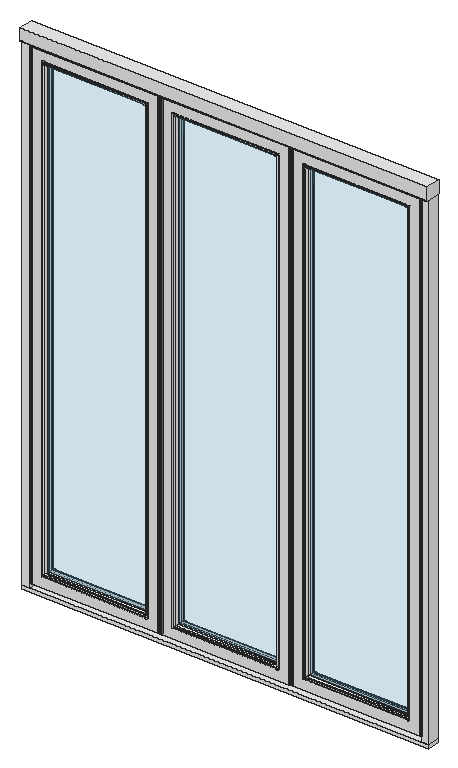
Revit family "Window-NanaWall-WA-67", category Windows, host Wall, Revit 2013
Parameters (values of type "Standard")
  Y N Override Stack [instance] = no
  Y N Override Number of Panels [instance] = no
  Warranty URL = "http://www.nanawall.com/support/warranty"
  URL = "http://www.nanawall.com/design/autocad"
  U Value = 0.17
  Thickness = 0' - 2 153/256"
  Subcategory = "Folding Window"  # constant formula
  Stack Thickness [instance] = 0' 2 153/256" * Panels  # 0' - 7 203/256"
  Split Stack Right [instance] = 3
  Split Stack [instance] = no
  Size Comment [instance] = if(or(Y N Override Stack, Y N Override Number of Panels), "CONTACT NANAWALL FOR SPECIAL SIZING", " ")  # " "
  Size Chart [instance] = "http://www.nanawall.com/products/wa67/sizes"
  Single Right Stack [instance] = if(and(Y N Override Stack, Left Stack), 1 = 0, if(Right Standard = 1, 1 = 1, if(and(C Split Stack, Split Stack Right = 1), 1 = 1, 1 = 0)))  # no
  Single Panel [instance] = if(and(Open, Width < 3' 3 1/16"), 1 = 1, if(Width > 3' 3", 1 = 0, 1 = 0))  # no
  Single Left Stack [instance] = if(and(not(Y N Override Stack), (Left Standard = 1)), 1 = 1, if(and(Y N Override Stack, Left Stack, (Panels = 1)), 1 = 1, (if(and(C Split Stack, Split Stack Right = Panels - 1), 1 = 1, 1 = 0))))  # yes
  Sills Available = "Raised, Low Profile Saddle, Flush"  # constant formula
  Sash = Metal - NanaWall - Aluminum
  Rough Width = Width - (2 * (0' 1 99/128"))  # 7' - 8 29/64"
  Rough Height = Height - 0' 2 15/32"  # 9' - 7 17/32"
  Right Standard [instance] = roundup(Panels / 2)  # 2
  Right Stack Width [instance] = RS C * Thickness  # 0' - 5 25/128"
  Right Stack [instance] = no
  RS C [instance] = if(RS = 1, 2, if(RS = 0, 2, if(C Split Stack, Split Stack Right, RS)))  # 2
  RS [instance] = if(Not Override Stack, Right Standard, if(C Right Stack, Panels, if(C Left Stack, 2, if(C Split Stack, Split Stack Right, 2))))  # 2
  Product Page URL = "http://www.nanawall.com/products/wa67"
  Performance URL = "http://www.nanawall.com/products/wa67/performance"
  Panels [instance] = if(Y N Override Number of Panels, Override Number of Panels, Panel Constraint)  # 3
  Panel Width [instance] = Opening Width / Panels  # 2' - 6.81771"
  Panel Height = Height Constraint - 0' 2 15/16"  # 9' - 7 1/16"
  Panel Constraint [instance] = if(Width < 3' 3", 1, if(Width < 6' 6", 2, if(Width < 9' 10", 3, if(Width < 13' 1", 4, if(Width < 16' 4", 5, if(Width < 19' 8", 6, if(Width < 22' 10", 7, if(Width < 26' 1", 8, if(Width < 29' 4", 9, if(Width < 32' 9", 10, if(Width < 36' 1", 11, if(Width < 39' 4", 12, if(Width < 42' 0", 13, if(Width < 45' 0", 14, if(Width < 48' 0", 15, if(Width < 51' 0", 16, if(Width < 54' 0", 17, if(Width < 57' 0", 18, if(Width < 60' 0", 19, 20)))))))))))))))))))  # 3
  Override Number of Panels [instance] = 3
  Opening Width = Width - (0' 1 99/128" + 0' 1 99/128")  # 7' - 8 29/64"
  Open Right Single [instance] = if(and(Open, Single Right Stack), 1 = 1, 1 = 0)  # no
  Open Right Multi [instance] = if(and(Open, Multiple Right Stack), 1 = 1, 1 = 0)  # no
  Open Left Single [instance] = if(and(Open, Single Left Stack), 1 = 1, 1 = 0)  # no
  Open Left Multi [instance] = if(and(Open, Multiple Left Stack), 1 = 1, 1 = 0)  # no
  Open [instance] = no
  Not Override Stack [instance] = not(Y N Override Stack)  # yes
  NanaWall Configurator = "http://www.nanawall.com/content/select-wizard"
  Multiple Right Stack [instance] = if(Width < 3' 3 1/16", 1 = 0, if(and(Right Standard < 1.5, Not Override Stack), 1 = 0, if(and(Right Standard > 1, Not Override Stack), 1 = 1, (if(and(C Split Stack, Split Stack Right > 1), 1 = 1, if(C Right Stack, 1 = 1, 1 = 0))))))  # yes
  Multiple Panel [instance] = if(and(Open, Width > 3' 3 1/16"), 1 = 0, if(and(Closed, Width > 3' 3 1/16"), 1 = 1, if(Width < 3' 3", 1 = 0, 1 = 1)))  # yes
  Multiple Left Stack [instance] = if(and(Left Standard > 1, Not Override Stack), 1 = 1, (if(and(C Split Stack, Split Stack Right < Panels - 1), 1 = 1, if(C Left Stack, 1 = 1, 1 = 0))))  # no
  Model = "WA-67"  # constant formula
  Max Panel Height = if(Panel Height > 9' 6", 9' 6", Panel Height)  # 9' - 6"
  Manufacturer Toll Free Phone = "(888) 411-NANA(6262)"  # constant formula
  Manufacturer Phone = "(415) 383-3148"  # constant formula
  Manufacturer Fax = "(415) 383-0312"  # constant formula
  Manufacturer Email = "mailto:info@nanawall.com"
  Manufacturer Address = "100 Meadowcreek Drive #250, Corte Madera, CA 94925"  # constant formula
  Manufacturer = "NanaWall Systems, Inc."  # constant formula
  Left Standard [instance] = rounddown(Panels / 2)  # 1
  Left Stack Width [instance] = LS C * Thickness  # 0' - 5 25/128"
  Left Stack [instance] = no
  LS C [instance] = if(LS = 1, 2, if(LS = 0, 2, if(C Split Stack, Panels - Split Stack Right, LS)))  # 2
  LS [instance] = if(Not Override Stack, Left Standard, if(C Left Stack, Panels, if(C Right Stack, 2, if(C Split Stack, Panels - Split Stack Right, 2))))  # 1
  Installation and Service URL = "http://www.nanawall.com/support/installer"
  Height Constraint = if(Height < 3' 3", 3' 3", if(Height > 9' 10", 9' 10", Height))  # 9' - 10"
  Height = 9' - 10"
  Wall Closure = By host
  Width = 8' - 0"
  Half Panel Width [instance] = Panel Width / 2  # 1' - 3.40885"
  Glazing Options = "http://www.nanawall.com/products/wa67"
  Glass Material = Glass - NanaWall - Generic
  Filler = Rubber - NanaWall - Black
  Exterior Wall Offset = 0' - 5"
  Engineering Details URL = "http://www.nanawall.com/products/wa67/component"
  Disclaimer = "Please note that the Revit model is for schematic purposes only.  To obtain a detailed 3D model, please go to the NanaWall's configurator at www.nanawall.com."  # constant formula
  Description = "Aluminum-Clad Over Wood Folding System"  # constant formula
  Cost Info = "http://www.nanawall.com/design_wizard/wa67/quote-HL-4"
  Closed [instance] = not(Open)  # yes
  Clearance On [instance] = no
  C Split Stack [instance] = if(and(Y N Override Stack, Split Stack), 1 = 1, if(Right Stack, 1 = 0, if(Left Stack, 1 = 0, 1 = 0)))  # no
  C Right Stack [instance] = if(and(Y N Override Stack, Right Stack), 1 = 1, if(Left Stack, 1 = 0, if(Split Stack, 1 = 0, 1 = 1)))  # yes
  C Panel [instance] = if(Panels < 2, 2, Panels)  # 3
  C Left Stack [instance] = if(and(Y N Override Stack, Left Stack), 1 = 1, if(Right Stack, 1 = 0, if(Split Stack, 1 = 0, 1 = 0)))  # no
  Assembly Code = "B2030110"
  95 CSI = "8411"  # constant formula
  04 CSI = "08 41 13"  # constant formula
Reference planes (in)
  plane 1 "Center (Front/Back)": y = 0
  plane 2 "Center (Left/Right)": x = 0
  plane 3 "Left": x = -48
  plane 4 "Right": x = 48
  plane 5 "Top": z = 118
  plane 6: z = 115.05521
  plane 7: z = 59
  plane 8: x = -46.22835
  plane 9: x = 46.22835
  plane 10: x = 40.77713
  plane 11: y = -1.29883
  plane 12: y = 1.29883
  plane 13: y = -2
  plane 14: y = -3.29883
  plane 15: x = 45.97244
  plane 16: x = -45.97244
  plane 17: x = -40.77713
Lines and regions (in)
  Opening 1
    outline origin (-90, -3, 0) x (1, 0, 0) y (0, 0, 1)
      loop
        line (42, 0) -> (138, 0) -> (138, 118) -> (42, 118) -> (42, 0)
  symbolic lines
    curve 1: line (-48, -0.69929, 0) -> (48, -0.69929, 0)
    curve 2: line (-48, -3.29883, 0) -> (48, -3.29883, 0)
  symbolic lines, visible <- "Clearance On"
    curve 3: line (-45.97244, -34.11654, 0) -> (-45.97244, -3.29883, 0)
    curve 4: line (45.97244, -34.11654, 0) -> (-45.97244, -34.11654, 0)
    curve 5: line (45.97244, -3.29883, 0) -> (45.97244, -34.11654, 0)
Text (in)
  text "Exterior" at (-74.96733, 27.31104, 0), in view "Ref. Level"
  text "Interior" at (-74.96733, -25.14366, 0), in view "Ref. Level"
  text "Exterior" at (0, 40.15149, 72.9804), in view "Right"
  text "Interior" at (0, -64.39139, 72.9804), in view "Right"
  text "Interior" at (0, -31.01599, 63.85961), in view "Left"
  text "Exterior" at (0, 54.57065, 63.85961), in view "Left"
Dimensions and locks (in)
  "Height Constraint": level to plane 5 "Top"
  "Width": plane 3 "Left" to plane 4 "Right"
  equal spacing: plane 3 "Left", plane 2 "Center (Left/Right)", plane 4 "Right"
  locked: plane 6 to plane 5 "Top" at 2.94479
  equal spacing: level, plane 7, plane 5 "Top"
  locked: plane 3 "Left" to plane 8 at 1.77165
  locked: plane 9 to plane 4 "Right" at 1.77165
  equal spacing: group 2, group 3, group 1
  equal spacing: group 1, group 3, group 2  (x2)
  "Right Stack Width": plane 10 to plane 15
  "Exterior Wall Offset": host wall to plane 13
  locked: plane 13 to plane 14 at 1.29883
  locked: plane 15 to plane 4 "Right" at 2.02756
  locked: plane 3 "Left" to plane 16 at 2.02756
  "Left Stack Width": plane 16 to plane 17
  group 5 to group 4 = 0' - 2 153/256"
  group 4 to group 5 = 0' - 0"  (x2)
  group 6 to group 7 = 0' - 2 153/256"
  group 6 to group 7 = 0' - 0"  (x2)
  group 8 to group 9 = 0' - 2 19/32"
  group 8 to group 9 = 0' - 0"  (x2)
  group 11 to group 10 = 0' - 2 19/32"
  group 10 to group 11 = 0' - 0"  (x2)
  curve 1 to plane 13 to curve 2 = 0' - 1.30071" locked, 0' - 1.29883" locked
  "Panel Width": plane 14 to curve 4
  aligned and locked: plane 3 "Left" to Opening 1 sketch curve
  aligned and locked: plane 5 "Top" to Opening 1 sketch curve  (x2)
  aligned and locked: Opening 1 sketch curve to plane 4 "Right"
  aligned and locked: Opening 1 sketch curve to level
  aligned and locked: nested 1 to plane 3 "Left"
  aligned and locked: nested 2 to plane 4 "Right"
  aligned and locked: plane 2 "Center (Left/Right)" to nested 4
  aligned and locked: plane 13 to nested 6
  aligned and locked: plane 13 to nested 3
  aligned and locked: plane 13 to nested 7
  aligned and locked: nested 1 to plane 13
  aligned and locked: plane 13 to nested 2
  aligned and locked: nested 4 to plane 13
  aligned and locked: plane 13 to nested 5
  aligned and locked: level to nested 4
  aligned and locked: nested 5 to plane 5 "Top"
  aligned and locked: nested 2 to plane 6
  aligned and locked: plane 6 to nested 3
  aligned and locked: plane 6 to nested 1
  aligned and locked: plane 6 to nested 6
  aligned and locked: plane 9 to nested 3
  aligned and locked: plane 8 to nested 6
  aligned and locked: plane 14 to nested 8
  aligned and locked: nested 8 to plane 15
  aligned and locked: plane 10 to nested 12
  aligned and locked: plane 14 to nested 12
  aligned and locked: plane 14 to nested 9
  aligned and locked: nested 9 to plane 15
  aligned and locked: plane 14 to nested 11
  aligned and locked: plane 16 to nested 11
  aligned and locked: nested 13 to plane 17
  aligned and locked: plane 14 to nested 13
  aligned and locked: nested 12 to plane 14
  aligned and locked: plane 14 to nested 10
  aligned and locked: plane 16 to nested 10
  aligned and locked: plane 14 to nested 14
  aligned and locked: plane 16 to nested 14
  aligned and locked: plane 17 to nested 18
  aligned and locked: plane 14 to nested 18
  aligned and locked: plane 14 to nested 15
  aligned and locked: plane 16 to nested 15
  aligned and locked: plane 14 to nested 17
  aligned and locked: nested 17 to plane 15
  aligned and locked: plane 10 to nested 19
  aligned and locked: plane 14 to nested 19
  aligned and locked: plane 14 to nested 16
  aligned and locked: nested 16 to plane 15
  aligned and locked: plane 3 "Left" to curve 1
  aligned and locked: plane 3 "Left" to curve 2
  aligned and locked: plane 4 "Right" to curve 1
  aligned and locked: plane 4 "Right" to curve 2
  aligned and locked: plane 8 to nested 20
  aligned and locked: plane 13 to nested 20
  aligned and locked: curve 3 to plane 16
  aligned and locked: curve 5 to plane 15
Nested families (in)
  nested 1: "Left-Jamb_WA-67" at (-40.69793, -2, -0.00729), type "Left-Jamb_WA-67"
  nested 2: "Right-Jamb_WA-67" at (40.69793, -2, -0.00729) x (-1, 0, 0) z (0, 0, 1), type "Right-Jamb_WA-67"
  nested 3: "Sash_WA-67_NanaWall" at (30.83184, -10.125, 1.05521) x (-1, 0, 0) z (0, 0, 1), visible <- "Closed", type "Sash_WA-67_NanaWall"
  nested 4: "Sill_WA-67" at (7.30207, -2, -0.83203), type "Sill_WA-67"
  nested 5: "Header_WA-67" at (7.30207, -2, 0), type "Header_WA-67"
  nested 6: "Sash_WA-67_NanaWall" at (-30.80705, -10.125, 1.05521) x (-1, 0, 0) z (0, 0, 1), visible <- "Closed", type "Sash_WA-67_NanaWall"
  nested 7: "Sash_WA-67_NanaWall" at (0.01239, -10.125, 1.05521) x (-1, 0, 0) z (0, 0, 1), visible <- "Closed", type "Sash_WA-67_NanaWall"
  nested 8: "DetailItem_Panel" at (44.62834, -17.04752, 0), visible <- "Multiple Right Stack", type "DetailItem_Panel"
  nested 9: "DetailItem_Panel" at (44.62834, -17.04752, 0), visible <- "Single Right Stack", type "DetailItem_Panel"
  nested 10: "DetailItem_Panel" at (-44.71889, -17.04752, 0), visible <- "Single Left Stack", type "DetailItem_Panel"
  nested 11: "DetailItem_Panel" at (-44.71889, -17.04752, 0), visible <- "Multiple Left Stack", type "DetailItem_Panel"
  nested 12: "DetailItem_Panel" at (42.03068, -17.04752, 0), visible <- "Multiple Right Stack", type "DetailItem_Panel"
  nested 13: "DetailItem_Panel" at (-42.12123, -17.04752, 0), visible <- "Multiple Left Stack", type "DetailItem_Panel"
  nested 14: "Sash_WA-67_NanaWall" at (-52.79666, -18.72003, 0.00001) x (0, 1, 0) z (0, 0, 1), visible <- "Open Left Multi", type "Sash_WA-67_NanaWall"
  nested 15: "Sash_WA-67_NanaWall" at (-52.79666, -18.72003, 0.00001) x (0, 1, 0) z (0, 0, 1), visible <- "Open Left Single", type "Sash_WA-67_NanaWall"
  nested 16: "Sash_WA-67_NanaWall" at (36.54666, -18.72003, 0.00001) x (0, 1, 0) z (0, 0, 1), visible <- "Open Right Single", type "Sash_WA-67_NanaWall"
  nested 17: "Sash_WA-67_NanaWall" at (36.54666, -18.72003, 0.00001) x (0, 1, 0) z (0, 0, 1), visible <- "Open Right Multi", type "Sash_WA-67_NanaWall"
  nested 18: "Sash_WA-67_NanaWall" at (-50.20291, -18.72003, 0.00001) x (0, 1, 0) z (0, 0, 1), visible <- "Open Left Multi", type "Sash_WA-67_NanaWall"
  nested 19: "Sash_WA-67_NanaWall" at (33.95291, -18.72003, 0.00001) x (0, 1, 0) z (0, 0, 1), visible <- "Open Right Multi", type "Sash_WA-67_NanaWall"
  nested 20: "Sash_WA-67_NanaWall" at (0.01056, -10.125, 0.00001) x (-1, 0, 0) z (0, 0, 1), visible <- "Single Panel", type "Sash_WA-67_NanaWall Full"
Definition of nested family "Left-Jamb_WA-67"
  Parameters (values of type "Left-Jamb_WA-67")
    Width = 1' - 0"
    Left Jamb = none
    Height = 9' - 7 1/16"
    Half = yes
    Assembly Code = ""
  Reference planes (in)
    plane 1 "Center (Front/Back)": y = 0
    plane 2: z = 0
    plane 3 "Center (Left/Right)": x = -7.30207
    plane 4 "Top": z = 115.0625
  Forms (in)
    Sweep 1, solid, material <- "Left Jamb"
      path origin (-7.30207, 0, 0) x (0, 1, 0) y (0, 0, 1)
        loop
          line (0, 115.0625) -> (0, 0)
      profile "Profile_Left-Jamb_WA-67 : Profile_Left-Jamb_WA-67" origin (-7.30207, 0, 57.53125) x (0, 1, 0) y (1, 0, 0)
        loop
          line (-1.29921, 0) -> (1.29921, 0) -> (1.29921, 1.77165) -> (-1.29921, 1.77165) -> (-1.29921, 0)
  Lines and regions (in)
    Masking region 1
      outline origin (0, 0, 0) x (1, 0, 0) y (0, 1, 0)
        loop
          line (-7.30207, 1.29921) -> (-7.30207, -1.29921) -> (-5.53042, -1.29921) -> (-5.53042, 1.29921) -> (-7.30207, 1.29921)
  Dimensions and locks (in)
    "Height": plane 4 "Top" to level
    plane 4 "Top" to level = 9' - 7 1/16"
    aligned and locked: plane 4 "Top" to Sweep 1 sketch curve
    aligned and locked: level to Sweep 1 sketch curve
    aligned and locked: plane 3 "Center (Left/Right)" to nested 1
    aligned and locked: plane 1 "Center (Front/Back)" to nested 1
    aligned and locked: Masking region 1 sketch curve to plane 3 "Center (Left/Right)"
  Automatic sketch dimensions
    plane 1 "Center (Front/Back)" to Sweep 1 sketch curve = 0' - 0"
    Masking region 1 sketch curve to plane 1 "Center (Front/Back)" = 0' - 1.29921"
    Masking region 1 sketch curve to Masking region 1 sketch curve = 0' - 1.77165"
    plane 1 "Center (Front/Back)" to Masking region 1 sketch curve = 0' - 1.29921"
  Nested families (in)
    nested 1: "Left-Jamb_Nana_Walls-WD-67" at (-7.36112, 0, 0), type "Left-Jamb_Nana_Walls-WD-67", detail levels fine
  Definition of nested family "Left-Jamb_Nana_Walls-WD-67"
    Parameters (values of type "Left-Jamb_Nana_Walls-WD-67")
      SmartBIM Object Version = 1  # constant formula
      SmartBIM Object Created By = "Reed Construction Data"  # constant formula
      Half Peice = yes
      Assembly Code = ""
      95 CSI = ""
      04 CSI = ""
    Reference planes (in)
      plane 1 "Center (Front/Back)": y = 0
      plane 2: z = 0
      plane 3 "Center (Left/Right)": x = 0.05906
    Lines and regions (in)
      model lines, style "DetailComponents", in view "Ref. Level"
        curve 1: arc (1.73228, -1.29921, 0) -> (1.80188, -1.27038, 0) -> (1.83071, -1.20079, 0) r 0.09843
        curve 2: arc (1.83071, -0.90551, 0) -> (1.80765, -0.84983, 0) -> (1.75197, -0.82677, 0) r 0.07874
        curve 3: arc (1.24016, 0.82677, 0) -> (1.21133, 0.89637, 0) -> (1.14173, 0.9252, 0) r 0.09843
        curve 4: arc (0.41339, 0.9252, 0) -> (0.34379, 0.89637, 0) -> (0.31496, 0.82677, 0) r 0.09843
        curve 5: arc (0.31496, 0.65709, 0) -> (0.32147, 0.63931, 0) -> (0.33793, 0.62992, 0) r 0.02756
        curve 6: arc (0.33465, 0.55118, 0) -> (0.34857, 0.55695, 0) -> (0.35433, 0.57087, 0) r 0.01969
        curve 7: arc (0.35433, 0.61051, 0) -> (0.34968, 0.62322, 0) -> (0.33793, 0.62992, 0) r 0.01969
        curve 8: arc (0.05906, -1.20079, 0) -> (0.08788, -1.27038, 0) -> (0.15748, -1.29921, 0) r 0.09843
        curve 9: line (1.53543, -0.62992, 0) -> (1.27953, -0.62992, 0)
        curve 10: line (1.27953, -0.62992, 0) -> (1.27953, -0.82677, 0)
        curve 11: line (1.27953, -0.82677, 0) -> (1.75197, -0.82677, 0)
        curve 12: line (0.15748, -1.29921, 0) -> (1.73228, -1.29921, 0)
        curve 13: line (1.83071, -1.20079, 0) -> (1.83071, -0.90551, 0)
        curve 14: line (0.41339, 0.9252, 0) -> (1.14173, 0.9252, 0)
        curve 15: line (0.35433, 0.57087, 0) -> (0.35433, 0.61051, 0)
        curve 16: line (1.53543, 0.31496, 0) -> (1.27953, 0.31496, 0)
        curve 17: line (1.27953, 0.31496, 0) -> (1.27953, -0.31496, 0)
        curve 18: line (1.27953, -0.31496, 0) -> (1.53543, -0.31496, 0)
        curve 19: line (1.24016, 0.82677, 0) -> (1.24016, 0.62992, 0)
        curve 20: line (1.24016, 0.62992, 0) -> (1.53543, 0.62992, 0)
        curve 21: line (0.05906, -1.20079, 0) -> (0.05906, -0.3937, 0)
        curve 22: line (0.05906, -0.3937, 0) -> (0.29528, -0.3937, 0)
        curve 23: line (0.29528, -0.3937, 0) -> (0.29528, 0.3937, 0)
        curve 24: line (0.29528, 0.3937, 0) -> (0.05906, 0.3937, 0)
        curve 25: line (0.05906, 0.3937, 0) -> (0.05906, 0.5315, 0)
        curve 26: line (0.05906, 0.5315, 0) -> (0.07874, 0.55118, 0)
        curve 27: line (0.07874, 0.55118, 0) -> (0.33465, 0.55118, 0)
        curve 92: arc (1.29134, 0.74953, 0) -> (1.30864, 0.70777, 0) -> (1.35039, 0.69048, 0) r 0.05906
        curve 93: arc (1.37008, 1.04481, 0) -> (1.35278, 1.08656, 0) -> (1.31102, 1.10386, 0) r 0.05906
        curve 94: arc (0.98031, 1.10386, 0) -> (1.00815, 1.11539, 0) -> (1.01969, 1.14323, 0) r 0.03937
        curve 95: arc (1.05791, 1.22999, 0) -> (1.03017, 1.20832, 0) -> (1.01969, 1.17473, 0) r 0.05906
        curve 96: arc (0.58661, 1.17473, 0) -> (0.57613, 1.20832, 0) -> (0.54839, 1.22999, 0) r 0.05906
        curve 97: arc (0.58661, 1.14323, 0) -> (0.59815, 1.11539, 0) -> (0.62598, 1.10386, 0) r 0.03937
        curve 98: arc (1.22441, 1.15111, 0) -> (1.24668, 1.16033, 0) -> (1.25591, 1.1826, 0) r 0.0315
        curve 99: line (1.19387, 1.15111, 0) -> (1.22764, 1.1826, 0)
        curve 100: line (1.22764, 1.20229, 0) -> (1.21007, 1.22999, 0)
        curve 101: arc (1.25591, 1.20229, 0) -> (1.25147, 1.21841, 0) -> (1.2394, 1.22999, 0) r 0.0315
        curve 102: arc (0.3669, 1.22999, 0) -> (0.35483, 1.21841, 0) -> (0.35039, 1.20229, 0) r 0.0315
        curve 103: line (0.39623, 1.22999, 0) -> (0.37866, 1.20229, 0)
        curve 104: arc (0.35039, 1.1826, 0) -> (0.35962, 1.16033, 0) -> (0.38189, 1.15111, 0) r 0.0315
        curve 105: line (0.37866, 1.1826, 0) -> (0.41243, 1.15111, 0)
        curve 106: arc (0.15484, 0.67329, 0) -> (0.17549, 0.63004, 0) -> (0.20472, 0.59205, 0) r 0.22835
        curve 107: arc (0.20472, 0.90701, 0) -> (0.17549, 0.86903, 0) -> (0.15484, 0.82578, 0) r 0.22835
        curve 108: line (0.15481, 0.68289, 0) -> (0.15484, 0.67329, 0)
        curve 109: line (0.15484, 0.74953, 0) -> (0.15481, 0.71265, 0)
        curve 110: line (0.15481, 0.78641, 0) -> (0.15484, 0.74953, 0)
        curve 164: line (1.51575, 0.76134, 0) -> (1.51575, 0.70622, 0)
        curve 165: line (1.51575, 0.70622, 0) -> (1.5, 0.69048, 0)
        curve 166: line (1.5, 0.69048, 0) -> (1.35039, 0.69048, 0)
        curve 167: line (1.29134, 0.74953, 0) -> (1.29134, 1.10386, 0)
        curve 168: line (1.41339, 0.77709, 0) -> (1.31102, 0.77709, 0)
        curve 169: line (1.37008, 0.77709, 0) -> (1.37008, 1.04481, 0)
        curve 170: line (1.01969, 1.14323, 0) -> (1.01969, 1.17473, 0)
        curve 171: line (1.31102, 1.10386, 0) -> (1.09843, 1.10386, 0)
        curve 172: line (1.09843, 1.10386, 0) -> (1.09843, 1.15111, 0)
        curve 173: line (1.09843, 1.15111, 0) -> (1.22441, 1.15111, 0)
        curve 174: line (0.62598, 1.10386, 0) -> (0.98031, 1.10386, 0)
        curve 175: line (0.58661, 1.14323, 0) -> (0.58661, 1.17473, 0)
        curve 176: line (0.70472, 1.10386, 0) -> (0.70472, 1.22985, 0)
        curve 177: line (0.70472, 1.22985, 0) -> (0.90157, 1.22985, 0)
        curve 178: line (0.90157, 1.22985, 0) -> (0.90157, 1.10386, 0)
        curve 179: line (0.38189, 1.15111, 0) -> (0.50787, 1.15111, 0)
        curve 180: line (0.50787, 1.15111, 0) -> (0.50787, 0.9252, 0)
        curve 181: line (1.22764, 1.1826, 0) -> (1.22764, 1.20229, 0)
        curve 182: line (1.25591, 1.1826, 0) -> (1.25591, 1.20229, 0)
        curve 183: line (0.37866, 1.1826, 0) -> (0.37866, 1.20229, 0)
        curve 184: line (0.35039, 1.1826, 0) -> (0.35039, 1.20229, 0)
        curve 185: line (1.1378, 1.10386, 0) -> (1.1378, 1.15111, 0)
        curve 186: line (0.4685, 1.15111, 0) -> (0.4685, 1.02512, 0)
        curve 187: line (0.4685, 1.02512, 0) -> (0.4779, 1.02512, 0)
        curve 188: line (0.4779, 1.02512, 0) -> (0.4779, 0.9267, 0)
        curve 189: line (0.4779, 0.9267, 0) -> (1.29134, 0.9267, 0)
        curve 190: line (0.54839, 1.22999, 0) -> (0.3669, 1.22999, 0)
        curve 191: line (1.05791, 1.22999, 0) -> (1.2394, 1.22999, 0)
        curve 192: line (0.15481, 0.71265, 0) -> (0.14819, 0.71139, 0)
        curve 193: line (0.14819, 0.71139, 0) -> (0.14988, 0.70235, 0)
        curve 194: line (0.14988, 0.70235, 0) -> (0.15204, 0.69293, 0)
        curve 195: line (0.15204, 0.69293, 0) -> (0.15481, 0.68289, 0)
        curve 196: line (0.25591, 0.59205, 0) -> (0.20472, 0.59205, 0)
        curve 197: line (0.20472, 0.59205, 0) -> (0.20472, 0.90701, 0)
        curve 198: line (0.20472, 0.90701, 0) -> (0.25591, 0.90701, 0)
        curve 199: line (0.25591, 0.72907, 0) -> (0.25591, 0.76999, 0)
        curve 200: line (0.15481, 0.81617, 0) -> (0.15201, 0.80598, 0)
        curve 201: line (0.15201, 0.80598, 0) -> (0.14985, 0.79656, 0)
        curve 202: line (0.14985, 0.79656, 0) -> (0.14819, 0.78767, 0)
        curve 203: line (0.14819, 0.78767, 0) -> (0.15481, 0.78641, 0)
        curve 245: arc (1.83071, 1.00544, 0) -> (1.82494, 1.01936, 0) -> (1.81102, 1.02512, 0) r 0.01969
        curve 254: arc (1.81102, 1.20229, 0) -> (1.82494, 1.20805, 0) -> (1.83071, 1.22197, 0) r 0.01969
        curve 363: line (1.83071, 1.2889, 0) -> (1.83071, 1.22197, 0)
        curve 520: arc (1.57958, 0.12101, 0) -> (1.60518, 0.15932, 0) -> (1.61417, 0.20452, 0) r 0.11811
        curve 521: arc (1.61417, -0.20152, 0) -> (1.60518, -0.15632, 0) -> (1.57958, -0.11801, 0) r 0.11811
        curve 522: arc (1.83071, -0.62842, 0) -> (1.82494, -0.6145, 0) -> (1.81102, -0.60874, 0) r 0.01969
        curve 523: arc (1.81776, -0.67605, 0) -> (1.82715, -0.66885, 0) -> (1.83071, -0.65755, 0) r 0.01969
        curve 524: arc (1.83071, 0.66055, 0) -> (1.82715, 0.67184, 0) -> (1.81776, 0.67905, 0) r 0.01969
        curve 525: arc (1.81102, 0.61174, 0) -> (1.82494, 0.6175, 0) -> (1.83071, 0.63142, 0) r 0.01969
        curve 526: arc (1.43701, -0.76622, 0) -> (1.40917, -0.77775, 0) -> (1.39764, -0.80559, 0) r 0.03937
        curve 527: arc (1.51575, -0.80559, 0) -> (1.54359, -0.79406, 0) -> (1.55512, -0.76622, 0) r 0.03937
        curve 528: arc (1.38688, -0.62992, 0) -> (1.36622, -0.64406, 0) -> (1.35827, -0.66779, 0) r 0.03937
        curve 529: arc (1.56426, -0.10269, 0) -> (1.54727, -0.09717, 0) -> (1.53281, -0.10766, 0) r 0.01969
        curve 530: arc (1.35825, -0.31496, 0) -> (1.4418, -0.29277, 0) -> (1.51631, -0.24895, 0) r 0.3189
        curve 531: arc (1.41753, -0.21747, 0) -> (1.48454, -0.1724, 0) -> (1.53281, -0.10766, 0) r 0.24016
        curve 532: arc (1.53543, -0.25822, 0) -> (1.52878, -0.2476, 0) -> (1.51631, -0.24895, 0) r 0.01181
        curve 533: arc (1.3189, -0.27409, 0) -> (1.33043, -0.30193, 0) -> (1.35827, -0.31346, 0) r 0.03937
        curve 534: arc (1.38976, -0.19952, 0) -> (1.39876, -0.21605, 0) -> (1.41753, -0.21747, 0) r 0.01969
        curve 535: arc (1.53281, 0.11066, 0) -> (1.48454, 0.17539, 0) -> (1.41753, 0.22047, 0) r 0.24016
        curve 536: arc (1.51631, 0.25195, 0) -> (1.45074, 0.29187, 0) -> (1.37753, 0.31496, 0) r 0.3189
        curve 537: arc (1.53281, 0.11066, 0) -> (1.54727, 0.10017, 0) -> (1.56426, 0.10569, 0) r 0.01969
        curve 538: arc (1.51631, 0.25195, 0) -> (1.52878, 0.2506, 0) -> (1.53543, 0.26122, 0) r 0.01181
        curve 539: arc (1.34751, 0.31496, 0) -> (1.32685, 0.30082, 0) -> (1.3189, 0.27709, 0) r 0.03937
        curve 540: arc (1.41753, 0.22047, 0) -> (1.39876, 0.21905, 0) -> (1.38976, 0.20252, 0) r 0.01969
        curve 541: arc (1.39764, 0.80859, 0) -> (1.40917, 0.78075, 0) -> (1.43701, 0.76922, 0) r 0.03937
        curve 542: arc (1.55512, 0.76922, 0) -> (1.54359, 0.79706, 0) -> (1.51575, 0.80859, 0) r 0.03937
        curve 543: arc (1.35827, 0.67079, 0) -> (1.3698, 0.64295, 0) -> (1.39764, 0.63142, 0) r 0.03937
        curve 544: arc (0.25591, 1.24166, 0) -> (0.25014, 1.25558, 0) -> (0.23622, 1.26134, 0) r 0.01969
        curve 545: arc (0.23622, 0.96607, 0) -> (0.25014, 0.97183, 0) -> (0.25591, 0.98575, 0) r 0.01969
        curve 546: arc (0.07874, 1.02512, 0) -> (0.06482, 1.01936, 0) -> (0.05906, 1.00544, 0) r 0.01969
        curve 547: arc (0.05906, 1.22197, 0) -> (0.06482, 1.20805, 0) -> (0.07874, 1.20229, 0) r 0.01969
        curve 548: arc (0.18898, 0.99166, 0) -> (0.18321, 1.00558, 0) -> (0.16929, 1.01134, 0) r 0.01969
        curve 549: arc (0.16929, 1.21607, 0) -> (0.18321, 1.22183, 0) -> (0.18898, 1.23575, 0) r 0.01969
        curve 550: arc (0.31496, 0.55268, 0) -> (0.33465, 0.57237, 0) -> (0.31496, 0.59205, 0) r 0.01969
        curve 551: arc (1.5748, 0.99363, 0) -> (1.59441, 0.9463, 0) -> (1.64173, 0.9267, 0) r 0.06693
        curve 552: arc (1.25984, 1.10386, 0) -> (1.3016, 1.12116, 0) -> (1.3189, 1.16292, 0) r 0.05906
        curve 553: arc (1.64173, 0.98575, 0) -> (1.6475, 0.97183, 0) -> (1.66142, 0.96607, 0) r 0.01969
        curve 554: arc (1.72047, 1.01134, 0) -> (1.70655, 1.00558, 0) -> (1.70079, 0.99166, 0) r 0.01969
        curve 555: arc (1.66142, 1.26134, 0) -> (1.6475, 1.25558, 0) -> (1.64173, 1.24166, 0) r 0.01969
        curve 556: arc (1.70079, 1.23575, 0) -> (1.70655, 1.22183, 0) -> (1.72047, 1.21607, 0) r 0.01969
        curve 557: arc (1.83071, 1.00544, 0) -> (1.82494, 1.01936, 0) -> (1.81102, 1.02512, 0) r 0.01969
        curve 558: arc (1.81102, 1.20229, 0) -> (1.82494, 1.20805, 0) -> (1.83071, 1.22197, 0) r 0.01969
        curve 559: line (0.31496, 0.65709, 0) -> (0.31496, 0.82677, 0)
        curve 560: line (1.53543, 0.62992, 0) -> (1.53543, 0.31496, 0)
        curve 561: line (1.53543, -0.31496, 0) -> (1.53543, -0.62992, 0)
        curve 706: line (1.55512, -0.76622, 0) -> (1.55512, -0.66779, 0)
        curve 707: line (1.55512, -0.66779, 0) -> (1.73228, -0.66779, 0)
        curve 708: line (1.73228, -0.66779, 0) -> (1.73228, -0.70716, 0)
        curve 709: line (1.73228, -0.70716, 0) -> (1.81776, -0.67605, 0)
        curve 710: line (1.83071, -0.65755, 0) -> (1.83071, -0.62842, 0)
        curve 711: line (1.81102, -0.60874, 0) -> (1.61417, -0.60874, 0)
        curve 712: line (1.61417, -0.60874, 0) -> (1.61417, -0.45203, 0)
        curve 713: line (1.61417, -0.45203, 0) -> (1.60236, -0.43157, 0)
        curve 714: line (1.60236, -0.43157, 0) -> (1.61417, -0.41111, 0)
        curve 715: line (1.61417, -0.41111, 0) -> (1.61417, -0.20152, 0)
        curve 716: line (1.81776, 0.67905, 0) -> (1.73228, 0.71016, 0)
        curve 717: line (1.73228, 0.71016, 0) -> (1.73228, 0.67079, 0)
        curve 718: line (1.73228, 0.67079, 0) -> (1.55512, 0.67079, 0)
        curve 719: line (1.55512, 0.67079, 0) -> (1.55512, 0.76922, 0)
        curve 720: line (1.61417, 0.20452, 0) -> (1.61417, 0.41411, 0)
        curve 721: line (1.61417, 0.41411, 0) -> (1.60236, 0.43457, 0)
        curve 722: line (1.60236, 0.43457, 0) -> (1.61417, 0.45503, 0)
        curve 723: line (1.61417, 0.45503, 0) -> (1.61417, 0.61174, 0)
        curve 724: line (1.61417, 0.61174, 0) -> (1.81102, 0.61174, 0)
        curve 725: line (1.83071, 0.63142, 0) -> (1.83071, 0.66055, 0)
        curve 726: line (1.53543, -0.25822, 0) -> (1.53543, -0.62842, 0)
        curve 727: line (1.53543, -0.62842, 0) -> (1.39764, -0.62842, 0)
        curve 728: line (1.39764, -0.80559, 0) -> (1.51575, -0.80559, 0)
        curve 729: line (1.35827, -0.66779, 0) -> (1.51575, -0.66779, 0)
        curve 730: line (1.51575, -0.66779, 0) -> (1.51575, -0.76622, 0)
        curve 731: line (1.51575, -0.76622, 0) -> (1.43701, -0.76622, 0)
        curve 732: line (1.39764, 0.63142, 0) -> (1.53543, 0.63142, 0)
        curve 733: line (1.53543, 0.63142, 0) -> (1.53543, 0.26122, 0)
        curve 734: line (1.38976, -0.19952, 0) -> (1.38976, 0.20252, 0)
        curve 735: line (1.3189, 0.27709, 0) -> (1.3189, -0.27409, 0)
        curve 736: line (1.57958, -0.11801, 0) -> (1.56426, -0.10269, 0)
        curve 737: line (1.35827, -0.31346, 0) -> (1.36885, -0.31346, 0)
        curve 738: line (1.56426, 0.10569, 0) -> (1.57958, 0.12101, 0)
        curve 739: line (1.36885, 0.31646, 0) -> (1.35827, 0.31646, 0)
        curve 740: line (1.51575, 0.80859, 0) -> (1.39764, 0.80859, 0)
        curve 741: line (1.43701, 0.76922, 0) -> (1.51575, 0.76922, 0)
        curve 742: line (1.51575, 0.76922, 0) -> (1.51575, 0.67079, 0)
        curve 743: line (1.51575, 0.67079, 0) -> (1.35827, 0.67079, 0)
        curve 744: line (0.05906, 1.22197, 0) -> (0.05906, 1.30071, 0)
        curve 745: line (0.05906, 1.30071, 0) -> (1.83071, 1.30071, 0)
        curve 746: line (1.83071, 1.30071, 0) -> (1.83071, 1.22197, 0)
        curve 747: line (0.16929, 1.01134, 0) -> (0.14961, 1.01134, 0)
        curve 748: line (0.14961, 1.01134, 0) -> (0.14961, 0.96607, 0)
        curve 749: line (0.14961, 0.96607, 0) -> (0.09843, 0.96607, 0)
        curve 750: line (0.09843, 0.96607, 0) -> (0.09843, 1.02512, 0)
        curve 751: line (0.09843, 1.02512, 0) -> (0.07874, 1.02512, 0)
        curve 752: line (0.23622, 0.96607, 0) -> (0.18898, 0.96607, 0)
        curve 753: line (0.18898, 0.96607, 0) -> (0.18898, 0.99166, 0)
        curve 754: line (0.16929, 1.21607, 0) -> (0.14961, 1.21607, 0)
        curve 755: line (0.14961, 1.21607, 0) -> (0.14961, 1.26134, 0)
        curve 756: line (0.14961, 1.26134, 0) -> (0.09843, 1.26134, 0)
        curve 757: line (0.09843, 1.26134, 0) -> (0.09843, 1.20229, 0)
        curve 758: line (0.09843, 1.20229, 0) -> (0.07874, 1.20229, 0)
        curve 759: line (0.23622, 1.26134, 0) -> (0.18898, 1.26134, 0)
        curve 760: line (0.18898, 1.26134, 0) -> (0.18898, 1.23575, 0)
        curve 761: line (0.05906, 1.00544, 0) -> (0.05906, 0.9267, 0)
        curve 762: line (0.05906, 0.9267, 0) -> (0.25591, 0.9267, 0)
        curve 763: line (0.25591, 0.9267, 0) -> (0.25591, 0.76999, 0)
        curve 764: line (0.25591, 0.76999, 0) -> (0.26772, 0.74953, 0)
        curve 765: line (0.26772, 0.74953, 0) -> (0.25591, 0.72907, 0)
        curve 766: line (0.25591, 0.72907, 0) -> (0.25591, 0.55268, 0)
        curve 767: line (0.25591, 0.55268, 0) -> (0.31496, 0.55268, 0)
        curve 768: line (0.31496, 0.59205, 0) -> (0.31496, 1.10386, 0)
        curve 769: line (0.31496, 1.10386, 0) -> (0.46063, 1.10386, 0)
        curve 770: line (0.46063, 1.10386, 0) -> (0.46063, 1.14323, 0)
        curve 771: line (0.46063, 1.14323, 0) -> (0.34252, 1.14323, 0)
        curve 772: line (0.34252, 1.14323, 0) -> (0.34252, 1.22985, 0)
        curve 773: line (0.34252, 1.22985, 0) -> (1.25984, 1.22985, 0)
        curve 774: line (1.25984, 1.22985, 0) -> (1.25984, 1.14323, 0)
        curve 775: line (1.25984, 1.14323, 0) -> (1.14173, 1.14323, 0)
        curve 776: line (1.14173, 1.14323, 0) -> (1.14173, 1.10386, 0)
        curve 777: line (1.14173, 1.10386, 0) -> (1.25984, 1.10386, 0)
        curve 778: line (0.25591, 1.24166, 0) -> (0.25591, 0.98575, 0)
        curve 779: line (1.5748, 0.99363, 0) -> (1.5748, 1.22985, 0)
        curve 780: line (1.5748, 1.22985, 0) -> (1.3189, 1.22985, 0)
        curve 781: line (1.3189, 1.22985, 0) -> (1.3189, 1.16292, 0)
        curve 782: line (1.83071, 1.00544, 0) -> (1.83071, 0.9267, 0)
        curve 783: line (1.83071, 0.9267, 0) -> (1.64173, 0.9267, 0)
        curve 784: line (1.64173, 1.24166, 0) -> (1.64173, 0.98575, 0)
        curve 785: line (1.66142, 0.96607, 0) -> (1.70079, 0.96607, 0)
        curve 786: line (1.70079, 0.96607, 0) -> (1.70079, 0.99166, 0)
        curve 787: line (1.70079, 1.23575, 0) -> (1.70079, 1.26134, 0)
        curve 788: line (1.70079, 1.26134, 0) -> (1.66142, 1.26134, 0)
        curve 789: line (1.72047, 1.01134, 0) -> (1.74016, 1.01134, 0)
        curve 790: line (1.74016, 1.01134, 0) -> (1.74016, 0.96607, 0)
        curve 791: line (1.74016, 0.96607, 0) -> (1.79134, 0.96607, 0)
        curve 792: line (1.79134, 0.96607, 0) -> (1.79134, 1.02512, 0)
        curve 793: line (1.79134, 1.02512, 0) -> (1.81102, 1.02512, 0)
        curve 794: line (1.81102, 1.20229, 0) -> (1.79134, 1.20229, 0)
        curve 795: line (1.79134, 1.20229, 0) -> (1.79134, 1.26134, 0)
        curve 796: line (1.79134, 1.26134, 0) -> (1.74016, 1.26134, 0)
        curve 797: line (1.74016, 1.26134, 0) -> (1.74016, 1.21607, 0)
        curve 798: line (1.74016, 1.21607, 0) -> (1.72047, 1.21607, 0)
      model lines, style "DetailComponents", in view "Ref. Level", visible <- "Half Peice"
        curve 28: line (1.73228, -0.59447, 0) -> (1.83071, -0.60308, 0)
        curve 29: line (2.09449, -0.66779, 0) -> (2.09449, -0.60874, 0)
        curve 30: line (2.09449, -0.60874, 0) -> (2.12205, -0.60874, 0)
        curve 31: circle (2.08661, -1.63236, 0) r 0.16142 normal (0, 0, 1)
        curve 32: circle (2.08661, -1.63236, 0) r 0.16043 normal (0, 0, 1)
        curve 33: arc (2.08661, -1.3174, 0) -> (1.8639, -1.85507, 0) -> (2.40157, -1.63236, 0) r 0.31496
        curve 34: circle (2.08661, -1.63236, 0) r 0.1811 normal (0, 0, 1)
        curve 35: arc (1.79134, -1.3174, 0) -> (1.77742, -1.32316, 0) -> (1.77165, -1.33708, 0) r 0.01969
        curve 36: arc (2.40157, -1.33708, 0) -> (2.39581, -1.32316, 0) -> (2.38189, -1.3174, 0) r 0.01969
        curve 37: line (1.83071, -0.60308, 0) -> (1.83071, -1.3174, 0)
        curve 38: line (1.83071, -1.3174, 0) -> (1.79134, -1.3174, 0)
        curve 39: line (2.34252, -0.60308, 0) -> (2.34252, -1.3174, 0)
        curve 40: line (2.34252, -1.3174, 0) -> (2.38189, -1.3174, 0)
        curve 41: line (2.00787, -1.27803, 0) -> (1.83071, -1.27803, 0)
        curve 42: line (1.77165, -1.33708, 0) -> (1.77165, -1.59439, 0)
        curve 43: line (2.05118, -0.60874, 0) -> (2.07874, -0.60874, 0)
        curve 44: line (2.07874, -0.60874, 0) -> (2.07874, -0.66779, 0)
        curve 45: line (2.07874, -0.66779, 0) -> (2.00787, -0.66779, 0)
        curve 46: line (2.00787, -0.66779, 0) -> (2.00787, -1.06149, 0)
        curve 47: line (2.00787, -1.06149, 0) -> (2.07874, -1.06149, 0)
        curve 48: line (2.07874, -1.06149, 0) -> (2.07874, -1.12055, 0)
        curve 49: line (2.07874, -1.12055, 0) -> (2.00787, -1.12055, 0)
        curve 50: line (2.00787, -1.12055, 0) -> (2.00787, -1.3174, 0)
        curve 51: line (2.00787, -1.3174, 0) -> (2.08661, -1.3174, 0)
        curve 52: line (2.08661, -1.3174, 0) -> (2.16535, -1.3174, 0)
        curve 53: line (2.16535, -1.3174, 0) -> (2.16535, -1.12055, 0)
        curve 54: line (2.16535, -1.12055, 0) -> (2.09449, -1.12055, 0)
        curve 55: line (2.09449, -1.12055, 0) -> (2.09449, -1.06149, 0)
        curve 56: line (2.09449, -1.06149, 0) -> (2.16535, -1.06149, 0)
        curve 57: line (2.16535, -1.06149, 0) -> (2.16535, -0.66779, 0)
        curve 58: line (2.16535, -0.66779, 0) -> (2.09449, -0.66779, 0)
        curve 59: line (2.40157, -1.33708, 0) -> (2.40157, -1.63236, 0)
        curve 60: line (1.65324, -1.63236, 0) -> (2.51999, -1.63236, 0)
        curve 61: line (2.08661, -1.19898, 0) -> (2.08661, -2.06574, 0)
        curve 62: arc (4.38976, 0.82827, 0) -> (4.37823, 0.85611, 0) -> (4.35039, 0.86764, 0) r 0.03937
        curve 63: arc (4.23228, 0.42669, 0) -> (4.23508, 0.40112, 0) -> (4.24335, 0.37677, 0) r 0.11811
        curve 64: arc (4.27165, 0.70229, 0) -> (4.24673, 0.69339, 0) -> (4.23306, 0.67072, 0) r 0.03937
        curve 65: arc (4.33858, 0.86764, 0) -> (4.33301, 0.86534, 0) -> (4.33071, 0.85977, 0) r 0.00787
        curve 66: arc (4.6378, 0.3952, 0) -> (4.66703, 0.43319, 0) -> (4.68768, 0.47644, 0) r 0.22835
        curve 67: arc (4.5748, 0.30859, 0) -> (4.56088, 0.30282, 0) -> (4.55512, 0.2889, 0) r 0.01969
        curve 68: arc (4.39714, 0.04696, 0) -> (4.4262, 0.01383, 0) -> (4.4685, 0.0015, 0) r 0.07874
        curve 69: arc (4.59843, 0.0015, 0) -> (4.62626, 0.01303, 0) -> (4.6378, 0.04087, 0) r 0.03937
        curve 70: arc (4.6378, 0.2889, 0) -> (4.63203, 0.30282, 0) -> (4.61811, 0.30859, 0) r 0.01969
        curve 71: arc (4.4803, 0.84457, 0) -> (4.46761, 0.8557, 0) -> (4.45247, 0.84824, 0) r 0.01519
        curve 72: arc (4.43754, 0.82237, 0) -> (4.43754, 0.81843, 0) -> (4.44094, 0.81646, 0) r 0.00394
        curve 73: arc (4.50787, 0.6826, 0) -> (4.50211, 0.69652, 0) -> (4.48819, 0.70229, 0) r 0.01969
        curve 74: arc (4.68768, 0.62892, 0) -> (4.66703, 0.67218, 0) -> (4.6378, 0.71016, 0) r 0.22835
        curve 75: line (4.68771, 0.48604, 0) -> (4.68768, 0.47644, 0)
        curve 76: line (4.68768, 0.62892, 0) -> (4.68771, 0.61932, 0)
        curve 77: line (4.68771, 0.58956, 0) -> (4.68771, 0.5158, 0)
        curve 78: arc (2.82283, 0.69048, 0) -> (2.86459, 0.70777, 0) -> (2.88189, 0.74953, 0) r 0.05906
        curve 79: arc (2.8622, 1.10386, 0) -> (2.82045, 1.08656, 0) -> (2.80315, 1.04481, 0) r 0.05906
        curve 80: arc (3.15354, 1.14323, 0) -> (3.16507, 1.11539, 0) -> (3.19291, 1.10386, 0) r 0.03937
        curve 81: arc (3.15354, 1.17473, 0) -> (3.14306, 1.20832, 0) -> (3.11532, 1.22999, 0) r 0.05906
        curve 82: arc (3.62484, 1.22999, 0) -> (3.5971, 1.20832, 0) -> (3.58661, 1.17473, 0) r 0.05906
        curve 83: arc (3.54724, 1.10386, 0) -> (3.57508, 1.11539, 0) -> (3.58661, 1.14323, 0) r 0.03937
        curve 84: arc (2.91732, 1.1826, 0) -> (2.92655, 1.16033, 0) -> (2.94882, 1.15111, 0) r 0.0315
        curve 85: line (2.97936, 1.15111, 0) -> (2.94559, 1.1826, 0)
        curve 86: line (2.94559, 1.20229, 0) -> (2.96316, 1.22999, 0)
        curve 87: arc (2.93383, 1.22999, 0) -> (2.92176, 1.21841, 0) -> (2.91732, 1.20229, 0) r 0.0315
        curve 88: arc (3.82283, 1.20229, 0) -> (3.8184, 1.21841, 0) -> (3.80633, 1.22999, 0) r 0.0315
        curve 89: line (3.777, 1.22999, 0) -> (3.79456, 1.20229, 0)
        curve 90: arc (3.79134, 1.15111, 0) -> (3.81361, 1.16033, 0) -> (3.82283, 1.1826, 0) r 0.0315
        curve 91: line (3.79456, 1.1826, 0) -> (3.7608, 1.15111, 0)
        curve 111: line (4.27165, 0.70229, 0) -> (4.48819, 0.70229, 0)
        curve 112: line (4.39714, 0.04696, 0) -> (4.24335, 0.37677, 0)
        curve 113: line (4.23306, 0.67072, 0) -> (4.23228, 0.42669, 0)
        curve 114: line (4.35039, 0.86764, 0) -> (4.33858, 0.86764, 0)
        curve 115: line (4.33071, 0.70229, 0) -> (4.33071, 0.85977, 0)
        curve 116: line (4.58661, 0.71016, 0) -> (4.58661, 0.3952, 0)
        curve 117: line (4.58661, 0.3952, 0) -> (4.6378, 0.3952, 0)
        curve 118: line (4.6378, 0.3952, 0) -> (4.6378, 0.71016, 0)
        curve 119: line (4.6378, 0.71016, 0) -> (4.58661, 0.71016, 0)
        curve 120: line (4.4803, 0.84457, 0) -> (4.50787, 0.74166, 0)
        curve 121: line (4.50787, 0.74166, 0) -> (4.50787, 0.22985, 0)
        curve 122: line (4.50787, 0.22985, 0) -> (4.55512, 0.22985, 0)
        curve 123: line (4.55512, 0.22985, 0) -> (4.55512, 0.2889, 0)
        curve 124: line (4.4685, 0.0015, 0) -> (4.59843, 0.0015, 0)
        curve 125: line (4.6378, 0.2889, 0) -> (4.6378, 0.04087, 0)
        curve 126: line (4.5748, 0.30859, 0) -> (4.61811, 0.30859, 0)
        curve 127: line (4.44094, 0.81646, 0) -> (4.46063, 0.81646, 0)
        curve 128: line (4.46063, 0.81646, 0) -> (4.46063, 0.74166, 0)
        curve 129: line (4.46063, 0.74166, 0) -> (4.38976, 0.74166, 0)
        curve 130: line (4.38976, 0.74166, 0) -> (4.38976, 0.82827, 0)
        curve 131: line (4.43754, 0.82237, 0) -> (4.45247, 0.84824, 0)
        curve 132: line (4.68771, 0.5158, 0) -> (4.69433, 0.51454, 0)
        curve 133: line (4.69433, 0.51454, 0) -> (4.69268, 0.50572, 0)
        curve 134: line (4.69268, 0.50572, 0) -> (4.69052, 0.49624, 0)
        curve 135: line (4.69052, 0.49624, 0) -> (4.68771, 0.48604, 0)
        curve 136: line (2.65748, 0.76134, 0) -> (2.65748, 0.70622, 0)
        curve 137: line (2.65748, 0.70622, 0) -> (2.67323, 0.69048, 0)
        curve 138: line (2.67323, 0.69048, 0) -> (2.82283, 0.69048, 0)
        curve 139: line (2.88189, 0.74953, 0) -> (2.88189, 1.10386, 0)
        curve 140: line (2.75984, 0.77709, 0) -> (2.8622, 0.77709, 0)
        curve 141: line (2.80315, 0.77709, 0) -> (2.80315, 1.04481, 0)
        curve 142: line (3.15354, 1.14323, 0) -> (3.15354, 1.17473, 0)
        curve 143: line (2.8622, 1.10386, 0) -> (3.0748, 1.10386, 0)
        curve 144: line (3.0748, 1.10386, 0) -> (3.0748, 1.15111, 0)
        curve 145: line (3.0748, 1.15111, 0) -> (2.94882, 1.15111, 0)
        curve 146: line (3.54724, 1.10386, 0) -> (3.19291, 1.10386, 0)
        curve 147: line (3.58661, 1.14323, 0) -> (3.58661, 1.17473, 0)
        curve 148: line (3.4685, 1.10386, 0) -> (3.4685, 1.22985, 0)
        curve 149: line (3.4685, 1.22985, 0) -> (3.27165, 1.22985, 0)
        curve 150: line (3.27165, 1.22985, 0) -> (3.27165, 1.10386, 0)
        curve 151: line (3.79134, 1.15111, 0) -> (3.66535, 1.15111, 0)
        curve 152: line (3.66535, 1.15111, 0) -> (3.66535, 0.9267, 0)
        curve 153: line (2.94559, 1.1826, 0) -> (2.94559, 1.20229, 0)
        curve 154: line (2.91732, 1.1826, 0) -> (2.91732, 1.20229, 0)
        curve 155: line (3.79456, 1.1826, 0) -> (3.79456, 1.20229, 0)
        curve 156: line (3.82283, 1.1826, 0) -> (3.82283, 1.20229, 0)
        curve 157: line (3.03543, 1.10386, 0) -> (3.03543, 1.15111, 0)
        curve 158: line (3.70472, 1.15111, 0) -> (3.70472, 1.02512, 0)
        curve 159: line (3.70472, 1.02512, 0) -> (3.69533, 1.02512, 0)
        curve 160: line (3.69533, 1.02512, 0) -> (3.69533, 0.9267, 0)
        curve 161: line (3.69533, 0.9267, 0) -> (2.88189, 0.9267, 0)
        curve 162: line (3.62484, 1.22999, 0) -> (3.80633, 1.22999, 0)
        curve 163: line (3.11532, 1.22999, 0) -> (2.93383, 1.22999, 0)
        curve 204: line (4.68771, 0.61932, 0) -> (4.69052, 0.60912, 0)
        curve 205: line (4.69052, 0.60912, 0) -> (4.69268, 0.59964, 0)
        curve 206: line (4.69268, 0.59964, 0) -> (4.69433, 0.59082, 0)
        curve 207: line (4.69433, 0.59082, 0) -> (4.68771, 0.58956, 0)
        curve 208: arc (5.41976, -0.57, 0) -> (5.46413, -0.46935, 0) -> (5.48815, -0.36202, 0) r 0.56487
        curve 209: arc (5.19599, -0.37884, 0) -> (5.22049, -0.38217, 0) -> (5.24501, -0.37895, 0) r 0.09317
        curve 210: arc (5.19351, -0.48949, 0) -> (5.19913, -0.50661, 0) -> (5.20866, -0.52189, 0) r 0.07522
        curve 211: arc (5.11138, -0.39821, 0) -> (5.12433, -0.48301, 0) -> (5.19611, -0.53, 0) r 0.10523
        curve 212: arc (5.21037, -0.47661, 0) -> (5.19793, -0.47779, 0) -> (5.19351, -0.48949, 0) r 0.01181
        curve 213: arc (5.16226, -0.36955, 0) -> (5.13092, -0.3734, 0) -> (5.11138, -0.39821, 0) r 0.04145
        curve 214: arc (5.20468, -0.53, 0) -> (5.20861, -0.5269, 0) -> (5.20866, -0.52189, 0) r 0.0058
        curve 215: arc (5.38006, -0.36071, 0) -> (5.37697, -0.35445, 0) -> (5.37013, -0.3531, 0) r 0.00787
        curve 216: arc (5.27186, -0.36071, 0) -> (5.26877, -0.35445, 0) -> (5.26193, -0.3531, 0) r 0.00787
        curve 217: arc (5.40754, -0.56555, 0) -> (5.41143, -0.57389, 0) -> (5.41976, -0.57, 0) r 0.0065
        curve 218: arc (5.41087, -0.55641, 0) -> (5.40933, -0.53968, 0) -> (5.39543, -0.53024, 0) r 0.01969
        curve 219: arc (5.33085, -0.52814, 0) -> (5.33925, -0.52926, 0) -> (5.3438, -0.52212, 0) r 0.00787
        curve 220: arc (5.28308, -0.52814, 0) -> (5.29147, -0.52926, 0) -> (5.29603, -0.52212, 0) r 0.00787
        curve 221: arc (5.23686, -0.52917, 0) -> (5.24452, -0.52882, 0) -> (5.24825, -0.52212, 0) r 0.00787
        curve 222: arc (5.48815, -0.36202, 0) -> (5.4864, -0.35562, 0) -> (5.48039, -0.35283, 0) r 0.00787
        curve 223: arc (5.30246, 0.69181, 0) -> (5.31695, 0.67645, 0) -> (5.33729, 0.67079, 0) r 0.03937
        curve 224: arc (5.31969, 0.91966, 0) -> (5.30289, 0.92662, 0) -> (5.28756, 0.91685, 0) r 0.01969
        curve 225: arc (5.34646, 0.86764, 0) -> (5.35359, 0.87219, 0) -> (5.35249, 0.88058, 0) r 0.00787
        curve 226: arc (5.47244, 0.72372, 0) -> (5.47193, 0.73006, 0) -> (5.4704, 0.73623, 0) r 0.03937
        curve 227: arc (5.41945, 0.82199, 0) -> (5.41289, 0.82663, 0) -> (5.40503, 0.82827, 0) r 0.01969
        curve 228: arc (5.4704, 0.73623, 0) -> (5.4495, 0.78183, 0) -> (5.41945, 0.82199, 0) r 0.23622
        curve 229: arc (5.45276, 0.67079, 0) -> (5.46668, 0.67656, 0) -> (5.47244, 0.69048, 0) r 0.01969
        curve 230: arc (5.18488, 0.91685, 0) -> (5.16955, 0.92662, 0) -> (5.15275, 0.91966, 0) r 0.01969
        curve 231: arc (5.24778, 0.86764, 0) -> (5.25763, 0.87028, 0) -> (5.26483, 0.87748, 0) r 0.01969
        curve 232: arc (5.20761, 0.87748, 0) -> (5.21481, 0.87028, 0) -> (5.22466, 0.86764, 0) r 0.01969
        curve 233: arc (5.11995, 0.88058, 0) -> (5.11885, 0.87219, 0) -> (5.12598, 0.86764, 0) r 0.00787
        curve 234: arc (5.27717, 0.77173, 0) -> (5.28624, 0.73064, 0) -> (5.30246, 0.69181, 0) r 0.23622
        curve 235: arc (5.11811, 0.80859, 0) -> (5.12388, 0.79467, 0) -> (5.1378, 0.7889, 0) r 0.01969
        curve 236: arc (5.27717, 0.77173, 0) -> (5.27064, 0.784, 0) -> (5.25764, 0.7889, 0) r 0.01969
        curve 237: arc (2.0748, 0.55268, 0) -> (2.08315, 0.55614, 0) -> (2.08661, 0.56449, 0) r 0.01181
        curve 238: arc (1.95356, 0.81022, 0) -> (1.95866, 0.80834, 0) -> (1.96376, 0.81022, 0) r 0.00787
        curve 239: arc (1.83071, 0.56449, 0) -> (1.83417, 0.55614, 0) -> (1.84252, 0.55268, 0) r 0.01181
        curve 240: arc (1.95356, 1.19407, 0) -> (1.95866, 1.1922, 0) -> (1.96376, 1.19407, 0) r 0.00787
        curve 241: arc (2.05512, 1.25485, 0) -> (2.05283, 1.25842, 0) -> (2.04863, 1.25785, 0) r 0.00394
        curve 242: arc (2.06693, 1.30071, 0) -> (2.06285, 1.29999, 0) -> (2.05928, 1.2979, 0) r 0.01181
        curve 243: arc (2.08661, 1.2889, 0) -> (2.08315, 1.29725, 0) -> (2.0748, 1.30071, 0) r 0.01181
        curve 244: arc (1.79329, 1.08524, 0) -> (1.81496, 1.1137, 0) -> (1.79329, 1.14217, 0) r 0.02953
        curve 246: arc (1.68453, 1.13675, 0) -> (1.67717, 1.1137, 0) -> (1.68453, 1.09066, 0) r 0.03976
        curve 247: arc (1.78543, 1.0399, 0) -> (1.78212, 1.04019, 0) -> (1.77976, 1.03783, 0) r 0.00394
        curve 248: arc (1.75395, 1.15302, 0) -> (1.74685, 1.15276, 0) -> (1.74118, 1.14848, 0) r 0.01181
        curve 249: arc (1.74721, 1.00253, 0) -> (1.75842, 0.99767, 0) -> (1.76794, 1.00533, 0) r 0.01181
        curve 250: arc (1.74118, 1.07893, 0) -> (1.74685, 1.07464, 0) -> (1.75395, 1.07439, 0) r 0.01181
        curve 251: arc (1.87657, 1.25115, 0) -> (1.87236, 1.25173, 0) -> (1.87008, 1.24815, 0) r 0.00394
        curve 252: arc (1.85804, 1.2979, 0) -> (1.85447, 1.29999, 0) -> (1.85039, 1.30071, 0) r 0.01181
        curve 253: arc (1.84252, 1.30071, 0) -> (1.83417, 1.29725, 0) -> (1.83071, 1.2889, 0) r 0.01181
        curve 255: arc (1.77976, 1.18958, 0) -> (1.78212, 1.18722, 0) -> (1.78543, 1.18751, 0) r 0.00394
        curve 256: arc (1.76794, 1.22207, 0) -> (1.75842, 1.22974, 0) -> (1.74721, 1.22488, 0) r 0.01181
        curve 257: arc (2.08661, 0.56449, 0) -> (2.09007, 0.55614, 0) -> (2.09843, 0.55268, 0) r 0.01181
        curve 258: arc (2.20947, 0.81022, 0) -> (2.21457, 0.80834, 0) -> (2.21967, 0.81022, 0) r 0.00787
        curve 259: arc (2.33071, 0.55268, 0) -> (2.33906, 0.55614, 0) -> (2.34252, 0.56449, 0) r 0.01181
        curve 260: arc (2.20947, 1.19407, 0) -> (2.21457, 1.1922, 0) -> (2.21967, 1.19407, 0) r 0.00787
        curve 261: arc (2.1246, 1.25785, 0) -> (2.12039, 1.25842, 0) -> (2.11811, 1.25485, 0) r 0.00394
        curve 262: arc (2.11395, 1.2979, 0) -> (2.11037, 1.29999, 0) -> (2.1063, 1.30071, 0) r 0.01181
        curve 263: arc (2.09843, 1.30071, 0) -> (2.09007, 1.29725, 0) -> (2.08661, 1.2889, 0) r 0.01181
        curve 264: arc (2.37994, 1.14217, 0) -> (2.35827, 1.1137, 0) -> (2.37994, 1.08524, 0) r 0.02953
        curve 265: arc (2.3622, 1.02512, 0) -> (2.34829, 1.01936, 0) -> (2.34252, 1.00544, 0) r 0.01969
        curve 266: arc (2.4887, 1.09066, 0) -> (2.49606, 1.1137, 0) -> (2.4887, 1.13675, 0) r 0.03976
        curve 267: arc (2.39346, 1.03783, 0) -> (2.39111, 1.04019, 0) -> (2.3878, 1.0399, 0) r 0.00394
        curve 268: arc (2.43204, 1.14848, 0) -> (2.42638, 1.15276, 0) -> (2.41928, 1.15302, 0) r 0.01181
        curve 269: arc (2.40529, 1.00533, 0) -> (2.41481, 0.99767, 0) -> (2.42602, 1.00253, 0) r 0.01181
        curve 270: arc (2.41928, 1.07439, 0) -> (2.42638, 1.07464, 0) -> (2.43204, 1.07893, 0) r 0.01181
        curve 271: arc (2.30315, 1.24815, 0) -> (2.30087, 1.25173, 0) -> (2.29666, 1.25115, 0) r 0.00394
        curve 272: arc (2.32283, 1.30071, 0) -> (2.31876, 1.29999, 0) -> (2.31519, 1.2979, 0) r 0.01181
        curve 273: arc (2.34252, 1.2889, 0) -> (2.33906, 1.29725, 0) -> (2.33071, 1.30071, 0) r 0.01181
        curve 274: arc (2.34252, 1.22197, 0) -> (2.34829, 1.20805, 0) -> (2.3622, 1.20229, 0) r 0.01969
        curve 275: arc (2.3878, 1.18751, 0) -> (2.39111, 1.18722, 0) -> (2.39346, 1.18958, 0) r 0.00394
        curve 276: arc (2.42602, 1.22488, 0) -> (2.41481, 1.22974, 0) -> (2.40529, 1.22207, 0) r 0.01181
        curve 277: arc (1.68019, -0.74032, 0) -> (1.67716, -0.74627, 0) -> (1.67978, -0.7524, 0) r 0.00787
        curve 278: arc (1.72129, -0.68611, 0) -> (1.71636, -0.68013, 0) -> (1.70869, -0.68127, 0) r 0.00787
        curve 279: arc (1.72453, -0.70448, 0) -> (1.72835, -0.70993, 0) -> (1.73498, -0.71051, 0) r 0.00787
        curve 280: arc (1.63295, -0.74032, 0) -> (1.62993, -0.74627, 0) -> (1.63254, -0.7524, 0) r 0.00787
        curve 281: arc (1.70735, -0.81933, 0) -> (1.71242, -0.82133, 0) -> (1.71758, -0.81956, 0) r 0.00787
        curve 282: arc (1.75494, -0.79436, 0) -> (1.7508, -0.79386, 0) -> (1.74699, -0.79555, 0) r 0.00787
        curve 283: arc (1.70235, -0.77259, 0) -> (1.70742, -0.77459, 0) -> (1.71258, -0.77282, 0) r 0.00787
        curve 284: arc (1.87008, -0.54968, 0) -> (1.84224, -0.56121, 0) -> (1.83071, -0.58905, 0) r 0.03937
        curve 285: arc (1.83071, -0.72881, 0) -> (1.82735, -0.72236, 0) -> (1.82014, -0.72141, 0) r 0.00787
        curve 286: arc (2.08661, -0.58905, 0) -> (2.07508, -0.56121, 0) -> (2.04724, -0.54968, 0) r 0.03937
        curve 287: arc (1.81986, -0.77832, 0) -> (1.82723, -0.77757, 0) -> (1.83071, -0.77103, 0) r 0.00787
        curve 288: arc (1.83071, -1.04181, 0) -> (1.83647, -1.05573, 0) -> (1.85039, -1.06149, 0) r 0.01969
        curve 289: arc (2.06693, -1.06149, 0) -> (2.08085, -1.05573, 0) -> (2.08661, -1.04181, 0) r 0.01969
        curve 290: arc (2.49345, -0.7524, 0) -> (2.49607, -0.74627, 0) -> (2.49304, -0.74032, 0) r 0.00787
        curve 291: arc (2.46453, -0.68127, 0) -> (2.45687, -0.68013, 0) -> (2.45194, -0.68611, 0) r 0.00787
        curve 292: arc (2.43825, -0.71051, 0) -> (2.44488, -0.70993, 0) -> (2.4487, -0.70448, 0) r 0.00787
        curve 293: arc (2.54068, -0.7524, 0) -> (2.5433, -0.74627, 0) -> (2.54027, -0.74032, 0) r 0.00787
        curve 294: arc (2.45565, -0.81956, 0) -> (2.46081, -0.82133, 0) -> (2.46588, -0.81933, 0) r 0.00787
        curve 295: arc (2.42624, -0.79555, 0) -> (2.42243, -0.79386, 0) -> (2.41829, -0.79436, 0) r 0.00787
        curve 296: arc (2.46065, -0.77282, 0) -> (2.46581, -0.77459, 0) -> (2.47088, -0.77259, 0) r 0.00787
        curve 297: arc (2.34252, -0.58905, 0) -> (2.33099, -0.56121, 0) -> (2.30315, -0.54968, 0) r 0.03937
        curve 298: arc (2.35309, -0.72141, 0) -> (2.34588, -0.72236, 0) -> (2.34252, -0.72881, 0) r 0.00787
        curve 299: arc (2.12598, -0.54968, 0) -> (2.09815, -0.56121, 0) -> (2.08661, -0.58905, 0) r 0.03937
        curve 300: arc (2.34252, -0.77103, 0) -> (2.346, -0.77757, 0) -> (2.35337, -0.77832, 0) r 0.00787
        curve 301: arc (2.32283, -1.06149, 0) -> (2.33675, -1.05573, 0) -> (2.34252, -1.04181, 0) r 0.01969
        curve 302: arc (2.08661, -1.04181, 0) -> (2.09238, -1.05573, 0) -> (2.1063, -1.06149, 0) r 0.01969
        curve 303: line (5.47833, -0.3531, 0) -> (5.38006, -0.37965, 0)
        curve 304: line (5.38006, -0.37965, 0) -> (5.38006, -0.36071, 0)
        curve 305: line (5.21037, -0.47661, 0) -> (5.23686, -0.52917, 0)
